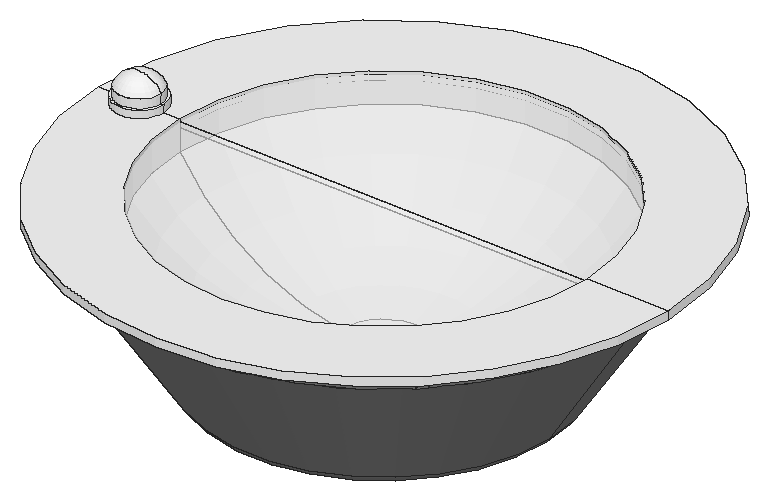
Revit family "0030321", category Lighting Fixtures, host Face, Revit 2017
Family settings
  Host = Face
  Round Connector Dimension = Use Diameter
  Part Type = Normal
  OmniClass Number = 23.80.70.00
  OmniClass Title = Lighting
  Cut with Voids When Loaded = No
  Light Source = Yes
  Shared = No
  Room Calculation Point = No
Parameters (values of type "0030321 Insaver Slim U19 IP44 170 PIR 1500lm 840")
  WidthBezel_SYL = if(Size1_SYL, 20 mm, if(Size2_SYL, 20 mm, if(Size3PIR_SYL, 30 mm, if(Size4_SYL, 20 mm, 20 mm))))  # 30 mm
  Weight = "kg"
  Wattage Comments = ""
  Wattage = 8.64 W
  WarrantyStartDate [instance] = "n/a"
  WarrantyGuarantorParts = "n/a"
  WarrantyDurationUnit = "n/a"
  WarrantyDurationParts = "n/a"
  WarrantyDescription = "n/a"
  built-in parameter 1150110 = 1 (stored number, unit not read)
  Voltage = 230 V
  VisibilityPIR_SYL = Size3PIR_SYL  # yes
  URL = "http://www.sylvania-lighting.com"
  TypeName = "Insaver Slim U19 IP44 170 PIR 1500lm 840"
  Type Image = <None>
  Type Comments = "n/a"
  built-in parameter 1114217 = 1 (stored number, unit not read)
  Tilt Angle = -90.00°
  built-in parameter 1150109 = 1 (stored number, unit not read)
  built-in parameter 1150134 = 12
  built-in parameter 1150113 = 1 (stored number, unit not read)
  Size4_SYL = no
  Size3PIR_SYL = yes
  Size2_SYL = no
  Size1_SYL = no
  SerialNumber [instance] = "n/a"
  RadiusTop_SYL = 6 mm
  RadiusReflector_SYL = if(Size1_SYL, 85 mm, if(Size2_SYL, 85 mm, if(Size3PIR_SYL, 85 mm, if(Size4_SYL, 100 mm, 120 mm))))  # 85 mm
  Photometric Web File = "0030321.ies"
  Material_3_FEILO = Top-Sylvania-STARTDownlight
  PowerFactor = 0.9
  PowerConsumption = "13.64 W"
  NominalLength = 175 mm
  NominalHeight = 175 mm
  NominalDepth = 61 mm
  Name = "Insaver Slim U19 IP44 170 PIR 1500lm 840"
  ModelReference = Name  # "Insaver Slim U19 IP44 170 PIR 1500lm 840"
  ModelNumber = "0030321"
  Model = Name  # "Insaver Slim U19 IP44 170 PIR 1500lm 840"
  Material = "aluminium housing, polycarbonate diffuser"
  ManufacturerName = "Feilo Sylvania"
  Manufacturer = "Feilo Sylvania"
  LuminousEfficacy = "110 lm/W"
  built-in parameter 1150105 = 980.82 (stored number, unit not read)
  Lumens = 1054.08 lm
  LuminaireType = ""
  built-in parameter 1150115 = 1 (stored number, unit not read)
  LightOutputRatio = "100"
  built-in parameter 1150137 = (empty or 0)
  built-in parameter 1150139 = (empty or 0)
  LampsType = Lamp  # "LED"
  LampNominalLuminous = "1054 lm"
  LampMacAdamStep = "5"
  LampColourTemperature = "4000 K"
  LampColourRenderingIndex = "80"
  built-in parameter 1150112 = 1 (stored number, unit not read)
  built-in parameter 1150114 = 1 (stored number, unit not read)
  Lamp = "LED"
  Keynote = "16500"
  InstallationDate [instance] = "n/a"
  InputVoltage = "220-240V~"
  InputNominalFrequency = "50/60 Hz"
  built-in parameter 1150132 = (empty or 0)
  built-in parameter 1150102 = (empty or 0)
  built-in parameter 1150107 = 4000 (stored number, unit not read)
  built-in parameter 1150138 = (empty or 0)
  IngressProtection = "IP20/44"
  ImpactProtectionIndex = "IK07"
  built-in parameter 1150106 = 9.8082 (stored number, unit not read)
  IfcExportType = "IfcLightFixtureType"
  IfcExportAs = "IfcLightFixtureType"
  Height_SYL = if(Size1_SYL, 61 mm, if(Size2_SYL, 61 mm, if(Size3PIR_SYL, 61 mm, if(Size4_SYL, 61 mm, 60 mm))))  # 61 mm
  HeightBezel_SYL = if(Size1_SYL, 3 mm, if(Size2_SYL, 3 mm, if(Size3PIR_SYL, 3 mm, if(Size4_SYL, 3.2 mm, 3 mm))))  # 3 mm
  ExpectedLife = 50000
  Emit from Circle Diameter = Diameter_SYL - 40 mm  # 171 mm
  Emit Shape Visible in Rendering = no
  ElectricShockClassification = "Class II"
  built-in parameter 1150104 = 11.334 (stored number, unit not read)
  DurationUnit = "hours"
  DocumentationLiterature = "http://www.sylvania-lighting.com/product/en-int/products/0030321"
  DimmingControlOptions = "Non dimmable"
  Material_2_FEILO = Diffuser-Sylvania-STARTDownlight
  Dimming Lamp Color Temperature Shift = <None>
  Diameter_SYL = if(Size1_SYL, 165 mm, if(Size2_SYL, 190 mm, if(Size3PIR_SYL, 211 mm, if(Size4_SYL, 220 mm, 240 mm))))  # 211 mm
  DiameterTop_SYL = if(Size1_SYL, 98 mm, if(Size2_SYL, 122 mm, if(Size3PIR_SYL, 120 mm, if(Size4_SYL, 135 mm, 158 mm))))  # 120 mm
  DiameterTopBase_SYL = DiameterRecess_SYL  # 186 mm
  DiameterRecess_SYL = if(Size1_SYL, 150 mm, if(Size2_SYL, 170 mm, if(Size3PIR_SYL, 186 mm, if(Size4_SYL, 200 mm, 225 mm))))  # 186 mm
  Description = ""
  Default Elevation = 1219.2 mm
  CreatedOn = "8/1/2018"
  CreatedBy = "@sylvania-lighting.com"
  Cost = 0
  Color Filter = 16777215
  built-in parameter 1114216 [instance] = (empty or 0)
  ClassificationValue = "EF_70_80"
  ClassificationName = "Uniclass2015"
  Material_1_FEILO = Trim-Sylvania-STARTDownlight-White
  BarCode [instance] = "n/a"
  built-in parameter 1114218 = 1 (stored number, unit not read)
  built-in parameter 1150133 = 10 (stored number, unit not read)
  AssetType = "Fixed"
  AssetIdentifier [instance] = "n/a"
  Assembly Code = "D5020200"
  Apparent Load = 0 VA
  Material_4_FEILO = LED-Sylvania-STARTDownlight
Reference planes
  plane 1 "Center (Front/Back)": y = 0
  plane 2: z = 0
  plane 3 "Center (Left/Right)": x = 0
  plane 4: x = 105.5
  plane 5: x = -105.5
  plane 6: z = 3
  plane 7: z = -8
  plane 8: z = -58
  plane 9: x = -93
  plane 10: x = 93
  plane 11: x = -60
  plane 12: x = 60
  plane 13: z = -85
  plane 14: x = -75.5
  plane 15: z = 2
  plane 16: z = -46
  plane 17: x = -16
  plane 18: x = -90.5
  plane 19: x = -81.5
  plane 20: x = -99.5
  plane 21: x = -99.5
  plane 22: z = 5.5
  plane 23: z = 8.7
  plane 24: x = -98.5
  plane 25: z = 13.7
Forms (mm)
  Revolve 1, void
    sketch origin (0, 0, 0) x (1, 0, 0) y (0, 0, 1)
      loop
        line (0, 0) -> (-93, 0) -> (-93, -85) -> (0, -85) -> (0, 0)
      axis (0, 0) -> (0, -85)
    angle from 360 to 0
  Revolve 2, solid, material "Trim-Sylvania-STARTDownlight-White" <- "Material_1_FEILO"
    sketch origin (0, 0, 0) x (1, 0, 0) y (0, 0, 1)
      loop
        line (-75.5, 3) -> (-105.5, 3) -> (-105.5, 0) -> (-93, 0) -> (-93, -8) -> (-61.681, -54.768)
        arc (-61.681, -54.768) -> (-59.471, -57.129) -> (-56.357, -58) r 6
        line (-56.357, -58) -> (0, -58) -> (0, -46) -> (-16, -46)
        arc (-16, -46) -> (-49.882, -33.47) -> (-75.5, -8) r 85
        line (-75.5, -8) -> (-75.5, 3)
      axis (0, 3) -> (0, -58)
    angle from 360 to 0
  Revolve 3, solid, material "Diffuser-Sylvania-STARTDownlight" <- "Material_2_FEILO"
    sketch origin (0, 0, 0) x (1, 0, 0) y (0, 0, 1)
      loop
        line (-75.5, 0) -> (0, 0) -> (0, 2) -> (-75.5, 2) -> (-75.5, 0)
      axis (0, 2) -> (0, 0)
    angle from 360 to 0
  Revolve 4, solid, material "Trim-Sylvania-STARTDownlight-White" <- "Material_1_FEILO", visible <- "VisibilityPIR_SYL"
    sketch origin (0, 0, 0) x (1, 0, 0) y (0, 0, 1)
      loop
        line (-90.5, 3) -> (-90.5, 13.7)
        arc (-90.5, 13.7) -> (-95.217, 12.347) -> (-98.5, 8.7) r 8.9
        line (-98.5, 8.7) -> (-98.5, 5.5) -> (-99.5, 5.5) -> (-99.5, 3) -> (-90.5, 3)
      axis (-90.5, 13.7) -> (-90.5, 3)
    angle from 360 to 0
Dimensions and locks
  equal spacing: plane 4, plane 3 "Center (Left/Right)", plane 5
  "Diameter_SYL": plane 4 to plane 5
  equal spacing: plane 10, plane 3 "Center (Left/Right)", plane 9
  equal spacing: plane 12, plane 3 "Center (Left/Right)", plane 11
  "DiameterTop_SYL": plane 12 to plane 11
  "HeightBezel_SYL": plane 6 to plane 2
  "Height_SYL": plane 6 to plane 8
  locked: plane 2 to plane 7 at 8
  locked: plane 2 to plane 13 at 85
  "WidthBezel_SYL": plane 14 to plane 5
  locked: plane 6 to plane 15 at 1
  "DiameterRecess_SYL": plane 10 to plane 9
  locked: plane 3 "Center (Left/Right)" to plane 17 at 16
  locked: plane 16 to plane 8 at 12
  locked: plane 18 to plane 21 at 9
  locked: plane 22 to plane 6 at 2.5
  locked: plane 23 to plane 22 at 3.2
  locked: plane 18 to plane 24 at 8
  locked: plane 25 to plane 23 at 5
  locked: plane 25 to Revolve 4 sketch curve at 8.9
  locked: plane 18 to plane 5 at 15
  "RadiusReflector_SYL": radius of Revolve 2 sketch curve
  "RadiusTop_SYL": radius of Revolve 2 sketch curve
  aligned and locked: plane 2 to host face
  aligned and locked: level to host face
  aligned and locked: Revolve 1 sketch curve to plane 3 "Center (Left/Right)"
  aligned and locked: plane 3 "Center (Left/Right)" to Revolve 1 sketch curve
  aligned and locked: Revolve 1 sketch curve to plane 9
  aligned and locked: plane 13 to Revolve 1 sketch curve
  aligned and locked: plane 3 "Center (Left/Right)" to imposter light
  aligned and locked: imposter light to plane 15
  aligned and locked: imposter light to plane 1 "Center (Front/Back)"
  aligned and locked: Revolve 2 sketch curve to plane 3 "Center (Left/Right)"
  aligned and locked: Revolve 2 sketch curve to plane 6
  aligned and locked: Revolve 2 sketch curve to plane 5
  aligned and locked: Revolve 2 sketch curve to level
  aligned and locked: plane 7 to Revolve 2 sketch curve  (x2)
  aligned and locked: Revolve 2 sketch curve to plane 9
  aligned and locked: plane 8 to Revolve 2 sketch curve
  aligned and locked: Revolve 2 sketch curve to plane 14
  aligned and locked: plane 3 "Center (Left/Right)" to Revolve 2 sketch curve
  aligned and locked: Revolve 2 sketch curve to plane 16
  aligned and locked: Revolve 3 sketch curve to plane 3 "Center (Left/Right)"
  aligned and locked: Revolve 3 sketch curve to level
  aligned and locked: imposter light to Revolve 3 sketch curve  (x2)
  aligned and locked: Revolve 4 sketch curve to plane 18  (x2)
  aligned and locked: Revolve 4 sketch curve to plane 6
  aligned and locked: plane 22 to Revolve 4 sketch curve
  aligned and locked: plane 24 to Revolve 4 sketch curve
  aligned and locked: Revolve 4 sketch curve to Revolve 4 sketch curve
  aligned and locked: plane 21 to Revolve 4 sketch curve
Automatic sketch dimensions
  host sketch curve to host sketch curve = 2438.4 mm  (x2)
  plane 13 to Revolve 1 sketch curve = 524.6 mm
  Revolve 1 sketch curve to plane 6 = 2606.058 mm
  Revolve 1 sketch curve to level = 0 mm
  Revolve 2 sketch curve to plane 17 = 0 mm
  Revolve 2 sketch curve to plane 11 = 1.681 mm
  plane 11 to Revolve 2 sketch curve = 3.643 mm
  plane 13 to Revolve 2 sketch curve = 524.6 mm
  Revolve 2 sketch curve to Revolve 2 sketch curve = 2577.983 mm
  Revolve 3 sketch curve to plane 14 = 0 mm
  plane 13 to Revolve 3 sketch curve = 524.6 mm
  Revolve 3 sketch curve to plane 6 = 2606.058 mm
  Revolve 4 sketch curve to plane 23 = 0 mm
  plane 13 to Revolve 4 sketch curve = 524.6 mm
  Revolve 4 sketch curve to Revolve 4 sketch curve = 2595.358 mm
Connectors
  electrical at (0, 0, 0), driven by "Apparent Load", driven by "PowerFactor", driven by "Voltage"
    settings: index 1, voltage 230 V, apparent load 0 VA, apparent load phase1 0 VA, apparent load phase2 0 VA, apparent load phase3 0 VA, power factor 0.9, load classification "Lighting", number of poles 1, system type 30, power factor state 1, is connector primary yes, connector utility no, sub classification motor no, connector description ""
